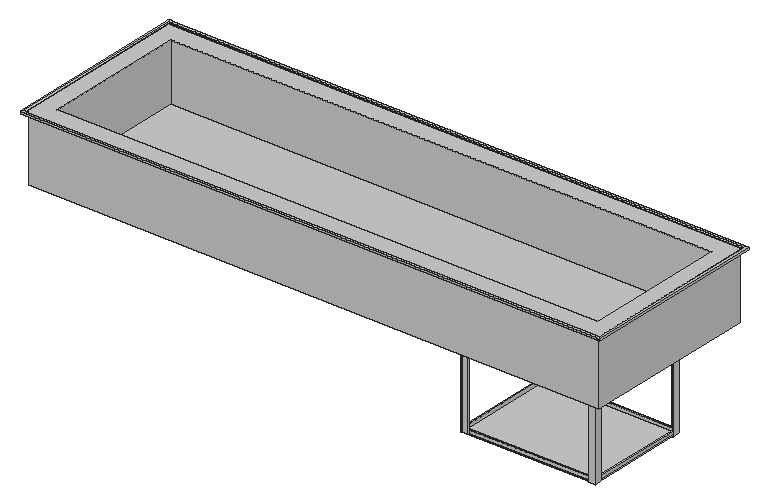
Revit family "QF_VOLLRATH_FC-4CP-06120-N", category Specialty Equipment, Revit 2016
Family settings
  Part Type = Normal
  Round Connector Dimension = Use Diameter
  OmniClass Number = 23.40.40.14.24.14
  OmniClass Title = Service Line Equipment
  Work Plane-Based = Yes
  Always vertical = Yes
  Cut with Voids When Loaded = Yes
  Shared = No
  Room Calculation Point = No
Parameters (values of type "FC-4CP-06120-N")
  Weight in Pounds = 182
  Watts = 624 W
  Waste Water Discharge Temperature [instance] = 0 °F
  Waste Remarks = ""
  Volts = 120 V
  URL Cutsheet = "www.vollrathfoodservice.com/downloads/211934/SPCDrop-InColdNSF7RefrigL36185-pdf"
  URL = "www.vollrathfoodservice.com"
  Status [instance] = ""
  Specification by User [instance] = ""
  Specification by Manufacturer = ""
  Serial Number = ""
  Seismic Rating = ""
  SMACNA No = ""
  Revision Code [instance] = ""
  Plumbing Remarks [instance] = ""
  Plumbing Connection Type [instance] = ""
  Phase = 1
  Number of Poles = 1
  NAFEM Spec ID Number = ""
  Model = "FC-4CP-06120-N"
  Min Ckt Ampacity = 0 A
  Max Overcurrent Protection = 10 A
  Masterspec = ""
  Manufacturer = "VOLLRATH US"
  Item Number [instance] = ""
  Installed By [instance] = ""
  Identify Quantity as Lot [instance] = no
  HP = "0.9"
  Furnished By [instance] = ""
  Foodservice Equipment Identifier [instance] = yes
  FL Amps = 5.2 A
  Electrical Remarks [instance] = ""
  Electric Connection Type [instance] = "Plug&Receptacle"
  Elec Conn RI Height [instance] = 0"
  Elec Conn Connection Height [instance] = 0"
  Direct Waste Size = 1"
  Direct Waste RI Height = 0"
  Direct Waste Flow = 0 GPM
  Direct Waste Connection Height = 0"
  Description = "SIX-WELL 120-VOLT NSF 7-CERTIFIED REFRIGERATED MODULAR DROP-IN COLD WELL"
  Default Elevation = 0"
  Cycle = 60 Hz
  Conn Plug = "NEMA 5-15P"
  Conn Conduit [instance] = no
  CSI MasterFormat = ""
  Author = ""
  Assembly Code = "E1090320"
  Apparent Power = 624 VA
Reference planes (in)
  plane 1 "Back": y = 0
  plane 2: z = 0
  plane 3 "Left": x = 0
  plane 4 "Front": y = -26
  plane 5 "Top": z = 0
  plane 6 "Right": x = 81.25
Forms (in)
  Extrusion 1, void
    sketch origin (0, 0, 0) x (1, 0, 0) y (0, 1, 0)
      loop
        line (80.875, -0.375) -> (0.375, -0.375) -> (0.375, -25.625) -> (80.875, -25.625) -> (80.875, -0.375)
    from 3.27425 to -22.375
  Extrusion 2, solid
    sketch origin (0, 0, 0) x (1, 0, 0) y (0, 1, 0)
      loop
        line (0.625, -0.625) -> (0.625, -25.375) -> (80.625, -25.375) -> (80.625, -0.625) -> (0.625, -0.625)
      loop
        line (2.6875, -3) -> (2.6875, -23) -> (78.5625, -23) -> (78.5625, -3) -> (2.6875, -3)
    from 0 to 0.14643
  Extrusion 3, solid
    sketch origin (0, 0, 0) x (1, 0, 0) y (0, 1, 0)
      loop
        line (0.625, -0.625) -> (0.625, -25.375) -> (80.625, -25.375) -> (80.625, -0.625) -> (0.625, -0.625)
      loop
        line (78.5625, -23) -> (78.5625, -3) -> (2.6875, -3) -> (2.6875, -23) -> (78.5625, -23)
    from -9.067 to 0
  Sweep 4, solid
    path origin (0, 0, 0) x (1, 0, 0) y (0, 1, 0)
      loop
        line (0.34375, -0.34375) -> (0.34375, -25.65625) -> (80.90625, -25.65625) -> (80.90625, -0.34375) -> (0.34375, -0.34375)
    profile origin (40.625, -0.34375, 0) x (0, 1, 0) y (0, 0, 1)
      loop
        line (0.34375, 0) -> (0.34375, 0.24548)
        arc (0.34375, 0.24548) -> (0.25632, 0.36797) -> (0.11207, 0.3251) r 0.12952
        line (0.11207, 0.3251) -> (0.00446, 0.18703)
        arc (0.00446, 0.18703) -> (-0.03241, 0.15713) -> (-0.07866, 0.14643) r 0.10539
        line (-0.07866, 0.14643) -> (-0.28125, 0.14643) -> (-0.28125, 0) -> (0.34375, 0)
  Extrusion 5, solid
    sketch origin (59.20684, -178.4845, -22.25) x (-1, 0, 0) y (0, -1, 0)
      loop
        line (-16.7345, -172.7345) -> (-16.7345, -171.8595) -> (-16.8595, -171.8595) -> (-16.8595, -172.8595) -> (-15.8595, -172.8595) -> (-15.8595, -172.7345) -> (-16.7345, -172.7345)
      loop
        line (-16.7345, -158.3285) -> (-15.8595, -158.3285) -> (-15.8595, -158.2035) -> (-16.8595, -158.2035) -> (-16.8595, -159.2035) -> (-16.7345, -159.2035) -> (-16.7345, -158.3285)
      loop
        line (1.953, -172.7345) -> (1.078, -172.7345) -> (1.078, -172.8595) -> (2.078, -172.8595) -> (2.078, -171.8595) -> (1.953, -171.8595) -> (1.953, -172.7345)
      loop
        line (1.953, -158.3285) -> (1.953, -159.2035) -> (2.078, -159.2035) -> (2.078, -158.2035) -> (1.078, -158.2035) -> (1.078, -158.3285) -> (1.953, -158.3285)
    from -0.125 to 13.183
  Extrusion 6, solid
    sketch origin (59.20684, -178.4845, -22.375) x (-1, 0, 0) y (0, -1, 0)
      loop
        line (1.953, -172.7345) -> (1.953, -158.3285) -> (-16.7345, -158.3285) -> (-16.7345, -172.7345) -> (1.953, -172.7345)
    from 0 to 0.125
  Extrusion 7, solid
    sketch origin (61.53434, -20.156, -22.25) x (1, 0, 0) y (0, 0, -1)
      loop
        line (-4.2805, -13.183) -> (14.407, -13.183) -> (14.407, -12.183) -> (-4.2805, -12.183) -> (-4.2805, -13.183)
    from 0 to 0.125
  Extrusion 8, solid
    sketch origin (61.53434, -5.75, -22.25) x (1, 0, 0) y (0, 0, 1)
      loop
        line (-4.2805, 13.183) -> (-4.2805, 12.183) -> (14.407, 12.183) -> (14.407, 13.183) -> (-4.2805, 13.183)
    from 0 to 0.125
  Extrusion 9, solid
    sketch origin (75.94134, -19.281, -22.25) x (0, -1, 0) y (0, 0, 1)
      loop
        line (0, 13.183) -> (-1.125, 13.183) -> (-1.125, 12.183) -> (0, 12.183) -> (0, 13.183)
      loop
        line (-12.656, 13.183) -> (-12.656, 12.183) -> (-11.531, 12.183) -> (-11.531, 13.183) -> (-12.656, 13.183)
    from 0 to -0.125
  Extrusion 10, solid
    sketch origin (53.25, 0, -0.375) x (1, 0, 0) y (0, 1, 0)
      loop
        line (4.00384, -20.156) -> (22.69134, -20.156) -> (22.69134, -5.75) -> (4.00384, -5.75) -> (4.00384, -20.156)
      loop
        line (22.56634, -5.875) -> (4.12884, -5.875) -> (4.12884, -20.031) -> (22.56634, -20.031) -> (22.56634, -5.875)
    from -21.875 to -21.375
  Extrusion 11, solid
    sketch origin (45.96566, 0, -0.375) x (1, 0, 0) y (0, 1, 0)
      loop
        circle (-5.34066, -13) r 0.5
      loop
        circle (-5.34066, -13) r 0.75
    from -8.692 to -7.622
  Extrusion 12, solid
    sketch origin (0, 0, 2.308) x (1, 0, 0) y (0, 1, 0)
      loop
        line (78.5625, -3) -> (2.6875, -3) -> (2.6875, -23) -> (78.5625, -23) -> (78.5625, -3)
      loop
        circle (40.625, -13) r 0.75
    from -11.375 to -10.305
  Extrusion 13, solid
    sketch origin (57.25384, -19.281, -22.25) x (0, -1, 0) y (0, 0, -1)
      loop
        line (0, -13.183) -> (0, -12.183) -> (-1.125, -12.183) -> (-1.125, -13.183) -> (0, -13.183)
      loop
        line (-12.656, -13.183) -> (-11.531, -13.183) -> (-11.531, -12.183) -> (-12.656, -12.183) -> (-12.656, -13.183)
    from 0 to -0.125
  Extrusion 14, solid
    sketch origin (51.10975, 0, -0.375) x (1, 0, 0) y (0, 1, 0)
      loop
        circle (15.48784, -13) r 0.25
    from -8.692 to -8.89849
Cuts and joins
  joined: Extrusion 2, Extrusion 3, Sweep 4, Extrusion 12
Lines and regions (in)
  symbolic lines, style "200-EquipBorder-2D"
    curve 1: line (81.25, 0, 0) -> (0, 0, 0)
    curve 2: line (81.25, -26, 0) -> (81.25, 0, 0)
    curve 3: line (0, 0, 0) -> (0, -26, 0)
    curve 8: line (0, -26, 0) -> (81.25, -26, 0)
  symbolic lines, style "200-EquipInternal-2D"
    curve 4: line (78.5625, -3, 0) -> (2.6875, -3, 0)
    curve 5: line (78.5625, -23, 0) -> (78.5625, -3, 0)
    curve 6: line (2.6875, -23, 0) -> (78.5625, -23, 0)
    curve 7: line (2.6875, -3, 0) -> (2.6875, -23, 0)
    curve 9: arc (40.125, -13, 0) -> (40.625, -12.5, 0) -> (41.125, -13, 0) r 0.5
    curve 10: arc (41.125, -13, 0) -> (40.625, -13.5, 0) -> (40.125, -13, 0) r 0.5
    curve 11: arc (39.875, -13, 0) -> (40.625, -12.25, 0) -> (41.375, -13, 0) r 0.75
    curve 12: arc (41.375, -13, 0) -> (40.625, -13.75, 0) -> (39.875, -13, 0) r 0.75
Dimensions and locks (in)
  plane 3 "Left" to plane 6 "Right" = 81 1/4"
  plane 4 "Front" to plane 1 "Back" = 26"
  Extrusion 6 sketch curve to Extrusion 6 sketch curve = 18 11/16"
  aligned and locked: level to plane 2
Connectors (in)
  piping at (40.625, -13, -9.067), diameter 1, driven by "Direct Waste Flow", driven by "Direct Waste Size"
    settings: on cut or joined group of Extrusion 2, Extrusion 3, Sweep 4, Extrusion 12, index 4, connector inside diameter 24", connector length 0", flow factor 0, pipe flow 0 GPM, pressure drop 0.00 psi, fitting loss kfactor 0, connector angle 0.00°, fixture units 0, engagement length 0", angle of deflection 0.00°, flow configuration 1, flow direction 2, fitting loss method 0, system type 16, joint type 0, gender type 0, connector reference index -1, connector utility 0, adjustable connector no, is connector primary yes, connector description "Drain"
  electrical at (66.59759, -13, -9.27349), driven by "Number of Poles", driven by "Volts", driven by "Apparent Power", driven by "Apparent Power"
    settings: on Extrusion 14, index 5, voltage 120 V, apparent load 624 VA, apparent load phase1 624 VA, apparent load phase2 0 VA, apparent load phase3 0 VA, power factor 1, load classification "Other", number of poles 1, system type 31, power factor state 1, is connector primary yes, connector utility no, sub classification motor no, connector description "Electrical connection"
